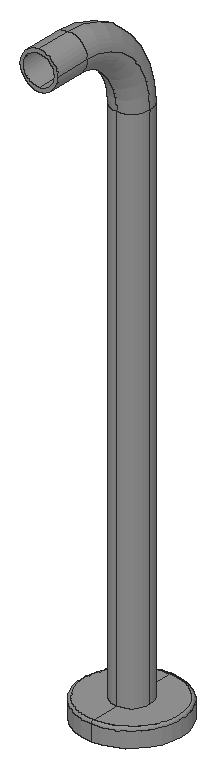
Revit family "Shower-Shower_Arm-KOHLER-K-26322T_1", category Plumbing Fixtures, host Face, Revit 2017
Family settings
  Host = Face
  Round Connector Dimension = Use Diameter
  Part Type = Normal
  OmniClass Number = 23.31.17.00
  OmniClass Title = Showers
  Cut with Voids When Loaded = No
  Shared = No
  Room Calculation Point = No
Parameters (values of type "Not a Type-See Type Catalog")
  Width = 2.16535"  # constant formula
  WaterSense Certified = 1 = 0  # no
  Waste Water Outlet = "Waste Water Outlet"  # constant formula
  Waste Connection = 1 = 0  # no
  Vent Connection = 1 = 0  # no
  URL = "http://www.kohler.com.cn/"
  Type = 0
  Product Page URL = ""
  Product Name = ""
  Product Documentation Link = ""
  Pressure = 0.00 psi
  Model = if(Type = 1, "K-26322T-CP", if(Type = 2, "K-26322T-BN", if(Type = 3, "K-26322T-BL", if(Type = 4, "K-26322T-SN", if(Type = 5, "K-26322T-AF", if(Type = 6, "K-26322T-RGD", if(Type = 7, "K-26322T-2MB", "NA")))))))  # "NA"
  Material = "Brass Construction"  # constant formula
  Master Format 2014 Name = "Residential Showers"  # constant formula
  Master Format 2014 = "22 42 23"  # constant formula
  Manufacturer Address = "Kohler Beijing Office (100016) 36-2-03-B, No. 88, Liuxiang Road, Beijing"  # constant formula
  Manufacturer = "KOHLER Co."  # constant formula
  Length = 13 5/8"  # constant formula
  Hot Water Inlet = "Tempered Water Inlet"  # constant formula
  Height = 2.16535"  # constant formula
  HW Connection = 1 = 1  # yes
  Flow Rate = 0 GPM
  Finish = Default
  Environmental Product Declaration = ""
  Drain Included = 1 = 0  # no
  Description = "Wall mount right angle I-Function"  # constant formula
  Default Elevation = 72"
  Declare Label = ""
  Date Modified = "02/09/2021"  # constant formula
  Date Created = "02/09/2021"  # constant formula
  Copyright = "Copyright KOHLER Co."  # constant formula
  Contact Us = "http://www.kohler.com.cn/contact/contact-us/"
  Cold Water Inlet = "Cold Water Inlet"  # constant formula
  CW Connection = 1 = 0  # no
  Assembly Code = "D2010700"
  ADA Compliant = 1 = 0  # no
Reference planes (in)
  plane 1 "Center (Front/Back)": y = 0
  plane 2: z = 0
  plane 3 "Center (Left/Right)": x = 0
  plane 4: y = 1.08268
  plane 5: y = 0.40734
  plane 6: y = -0.40734
  plane 7: x = 1.08268
  plane 8: x = 0.40734
  plane 9: x = -0.40734
  plane 10: y = -2.5
  plane 11: z = 14.03234
  plane 12: z = 13.625
  plane 13: z = 13.21766
  plane 14: z = 0.3937
  plane 15: x = -1.08268
  plane 16: y = -1.08268
Dimensions and locks (in)
  "Length": plane 12 to level
  locked: plane 10 to plane 1 "Center (Front/Back)" at 2.5
  "Width": plane 15 to plane 7
  "Height": plane 4 to plane 16
  aligned and locked: plane 2 to host face
  aligned and locked: level to host face
  aligned and locked: plane 3 "Center (Left/Right)" to nested 1
  aligned and locked: plane 1 "Center (Front/Back)" to nested 1
Automatic sketch dimensions
  host sketch curve to host sketch curve = 96"  (x2)
Nested families (in)
  nested 1: "K-26322T" at (0, 0, 0), type "K-26322T"
Connectors (in)
  piping at (0, 0, 0), diameter 0.5, driven by "Flow Rate", driven by "HW Connection", driven by "Hot Water Inlet"
    settings: on nested 1, index 1, connector inside diameter 24", connector length 0", flow factor 0, pipe flow 0 GPM, pressure drop 0.00 psi, fitting loss kfactor 0, connector angle 0.00°, fixture units 0, engagement length 0", angle of deflection 0.00°, flow configuration 0, flow direction 1, fitting loss method 0, system type 19, joint type 0, gender type 0, connector reference index -1, connector utility 1, adjustable connector no, is connector primary yes, connector description "Tempered Water Inlet"
Definition of nested family "K-26322T"
  Parameters (values of type "K-26322T")
    Material = none
  Reference planes (in)
    plane 1 "Center (Front/Back)": y = 0
    plane 2: z = 0
    plane 3 "Center (Left/Right)": x = 0
    plane 4: x = -1.08268
    plane 5: y = 1.08268
    plane 6: x = -0.40734
    plane 7: x = 0.40734
    plane 8: y = 0.40734
    plane 9: y = -0.40734
    plane 10: y = -2.5
    plane 11: z = 13.625
    plane 12: z = 0.3937
    plane 13: z = 14.03234
    plane 14: z = 13.21766
    plane 15: x = 1.08268
    plane 16: y = -1.08268
  Forms (in)
    Revolve 1, solid, material <- "Material", detail levels medium+fine
      sketch origin (0, 0, 0) x (0, 1, 0) y (0, 0, 1)
        loop
          line (1.08268, 0) -> (1.08268, 0.33716)
          arc (1.08268, 0.33716) -> (1.06612, 0.37714) -> (1.02614, 0.3937) r 0.05654
          line (1.02614, 0.3937) -> (0, 0.3937) -> (0, 0.11027) -> (0.25332, 0.11027)
          arc (0.25332, 0.11027) -> (0.27176, 0.10263) -> (0.2794, 0.08419) r 0.02608
          line (0.2794, 0.08419) -> (0.2794, 0) -> (0.40734, 0) -> (0.40734, 0.24946)
          arc (0.40734, 0.24946) -> (0.41914, 0.27794) -> (0.44762, 0.28974) r 0.04028
          line (0.44762, 0.28974) -> (0.99983, 0.28974)
          arc (0.99983, 0.28974) -> (1.01907, 0.28177) -> (1.02704, 0.26253) r 0.02721
          line (1.02704, 0.26253) -> (1.02704, 0) -> (1.08268, 0)
        axis (0, 0.3937) -> (0, 0)
      angle from 0 to 360
    Sweep 2, solid, material <- "Material", detail levels medium+fine
      path origin (0, 0, 0) x (0, 1, 0) y (0, 0, 1)
        loop
          line (-2.5, 13.625) -> (-1.71277, 13.625)
          arc (-1.71277, 13.625) -> (-0.50166, 13.12334) -> (0, 11.91223) r 1.71277
          line (0, 11.91223) -> (0, 0.3937)
      profile origin (0, 0, 6.15297) x (1, 0, 0) y (0, 1, 0)
        loop
          arc (0, 0.40734) -> (-0.28803, 0.28803) -> (-0.40734, 0) r 0.40734
          arc (-0.40734, 0) -> (-0.28803, -0.28803) -> (0, -0.40734) r 0.40734
          arc (0, -0.40734) -> (0.28803, -0.28803) -> (0.40734, 0) r 0.40734
          arc (0.40734, 0) -> (0.28803, 0.28803) -> (0, 0.40734) r 0.40734
    Revolve 3, void
      sketch origin (0, 0, 0) x (0, 1, 0) y (0, 0, 1)
        loop
          line (-2.62776, 13.96131) -> (-2.62776, 13.625) -> (-1.79287, 13.625) -> (-1.79287, 13.96131) -> (-2.62776, 13.96131)
        axis (-1.79287, 13.625) -> (-2.62776, 13.625)
      angle from 0 to 360
    Extrusion 4, void
      sketch origin (0, 0, 0) x (1, 0, 0) y (0, 0, 1)
        loop
          circle (0, 0.16681) r 0.08419
      from -0.7825 to -1.36199
    Extrusion 5, solid, material <- "Material", detail levels coarse
      sketch origin (0, 0, 0) x (1, 0, 0) y (0, 1, 0)
        loop
          circle (0, 0) r 1.09375
      from 0 to 0.3937
    Sweep 6, solid, material <- "Material", detail levels coarse
      path origin (0, 0, 0) x (0, 1, 0) y (0, 0, 1)
        loop
          line (-2.5, 14.03234) -> (-1.71408, 14.03234)
          arc (-1.71408, 14.03234) -> (-0.21401, 13.41099) -> (0.40734, 11.91092) r 2.12141
          line (0.40734, 11.91092) -> (0.40734, 0.3937)
      profile origin (0, 0.40734, 6.15231) x (1, 0, 0) y (0, 1, 0)
        loop
          circle (0, -0.40734) r 0.40734
  Cuts and joins
    Revolve 3 cuts Sweep 2
    Extrusion 4 cuts Revolve 1
  Lines and regions (in)
    Masking region 1
      outline origin (0, 0, 0) x (0, 1, 0) y (0, 0, 1)
        loop
          arc (1.08268, 0.34019) -> (1.06701, 0.37803) -> (1.02917, 0.3937) r 0.05351
          line (1.02917, 0.3937) -> (0.40734, 0.3937) -> (0.40734, 11.91092)
          arc (0.40734, 11.91092) -> (-0.21401, 13.41099) -> (-1.71408, 14.03234) r 2.12141
          line (-1.71408, 14.03234) -> (-2.5, 14.03234) -> (-2.5, 13.21766) -> (-1.7139, 13.21766)
          arc (-1.7139, 13.21766) -> (-0.79002, 12.83498) -> (-0.40734, 11.9111) r 1.30656
          line (-0.40734, 11.9111) -> (-0.40734, 0.3937) -> (-1.02917, 0.3937)
          arc (-1.02917, 0.3937) -> (-1.06701, 0.37803) -> (-1.08268, 0.34019) r 0.05351
          line (-1.08268, 0.34019) -> (-1.08268, 0) -> (1.08268, 0) -> (1.08268, 0.34019)
    Masking region 2
      outline origin (0, 0, 0) x (1, 0, 0) y (0, 0, 1)
        loop
          arc (1.08268, 0.34019) -> (1.06701, 0.37803) -> (1.02917, 0.3937) r 0.05351
          line (1.02917, 0.3937) -> (0.40734, 0.3937) -> (0.40734, 13.625)
          arc (0.40734, 13.625) -> (0.28803, 13.91303) -> (0, 14.03234) r 0.40734
          arc (0, 14.03234) -> (-0.28803, 13.91303) -> (-0.40734, 13.625) r 0.40734
          line (-0.40734, 13.625) -> (-0.40734, 0.3937) -> (-1.02917, 0.3937)
          arc (-1.02917, 0.3937) -> (-1.06701, 0.37803) -> (-1.08268, 0.34019) r 0.05351
          line (-1.08268, 0.34019) -> (-1.08268, 0) -> (1.08268, 0) -> (1.08268, 0.34019)
    Masking region 3
      outline origin (0, 0, 0) x (1, 0, 0) y (0, 1, 0)
        loop
          line (-0.40734, -2.5) -> (0.40734, -2.5) -> (0.40734, -1.01507)
          arc (0.40734, -1.01507) -> (0.89842, -0.6096) -> (1.08268, 0) r 1.10052
          arc (1.08268, 0) -> (0.76557, 0.76557) -> (0, 1.08268) r 1.08268
          arc (0, 1.08268) -> (-0.76557, 0.76557) -> (-1.08268, 0) r 1.08268
          arc (-1.08268, 0) -> (-0.89842, -0.6096) -> (-0.40734, -1.01507) r 1.10052
          line (-0.40734, -1.01507) -> (-0.40734, -2.5)
    symbolic lines, detail levels medium+fine
      curve 1: line (0, 0.40734, 0.3937) -> (0, -0.40734, 0.3937)
      curve 2: line (0, 1.08268, 0.34019) -> (0, -1.08268, 0.34019)
      curve 3: line (0, -2.44152, 14.03234) -> (0, -2.44152, 13.21766)
      curve 4: line (0, -2.38293, 14.03234) -> (0, -2.38293, 13.21766)
      curve 5: line (0, -2.32433, 14.03234) -> (0, -2.32433, 13.21766)
      curve 6: line (0, -2.26574, 14.03234) -> (0, -2.26574, 13.21766)
      curve 7: line (0, -2.20714, 14.03234) -> (0, -2.20714, 13.21766)
      curve 8: line (0, -2.14855, 14.03234) -> (0, -2.14855, 13.21766)
      curve 9: line (0, -2.08996, 14.03234) -> (0, -2.08996, 13.21766)
      curve 10: line (0, -2.03136, 14.03234) -> (0, -2.03136, 13.21766)
      curve 11: line (0, -1.97277, 14.03234) -> (0, -1.97277, 13.21766)
      curve 12: line (0, -1.91418, 14.03234) -> (0, -1.91418, 13.21766)
      curve 13: line (0.40734, 0, 0.3937) -> (-0.40734, 0, 0.3937)
      curve 14: line (1.08268, 0, 0.34019) -> (-1.08268, 0, 0.34019)
      curve 15: arc (0.08419, 0, 0.16681) -> (0, 0, 0.251) -> (-0.08419, 0, 0.16681) r 0.08419
      curve 16: arc (-0.08419, 0, 0.16681) -> (0, 0, 0.08262) -> (0.08419, 0, 0.16681) r 0.08419
      curve 17: arc (0, 0.40734, 0) -> (-0.28803, 0.28803, 0) -> (-0.40734, 0, 0) r 0.40734
      curve 18: arc (0.40734, 0, 0) -> (0.28803, 0.28803, 0) -> (0, 0.40734, 0) r 0.40734
      curve 19: line (-0.40734, -1.14986, 0) -> (-0.40734, 0, 0)
      curve 20: line (0.40734, -1.09375, 0) -> (0.40734, 0, 0)
      curve 21: arc (0.40734, -0.96931, 0) -> (0, 1.05142, 0) -> (-0.40734, -0.96931, 0) r 1.05142
      curve 22: line (-0.40734, -2.44208, 0) -> (0.40734, -2.44208, 0)
      curve 23: line (-0.40734, -2.38349, 0) -> (0.40734, -2.38349, 0)
      curve 24: line (-0.40734, -2.32489, 0) -> (0.40734, -2.32489, 0)
      curve 25: line (-0.40734, -2.2663, 0) -> (0.40734, -2.2663, 0)
      curve 26: line (-0.40734, -2.20771, 0) -> (0.40734, -2.20771, 0)
      curve 27: line (-0.40734, -2.14911, 0) -> (0.40734, -2.14911, 0)
      curve 28: line (-0.40734, -2.09052, 0) -> (0.40734, -2.09052, 0)
      curve 29: line (-0.40734, -2.03192, 0) -> (0.40734, -2.03192, 0)
      curve 30: line (-0.40734, -1.97333, 0) -> (0.40734, -1.97333, 0)
      curve 31: line (-0.40734, -1.91474, 0) -> (0.40734, -1.91474, 0)
  Dimensions and locks (in)
    plane 10 to plane 1 "Center (Front/Back)" = 2 1/2"
    plane 11 to level = 13 5/8"
    aligned and locked: plane 2 to level
